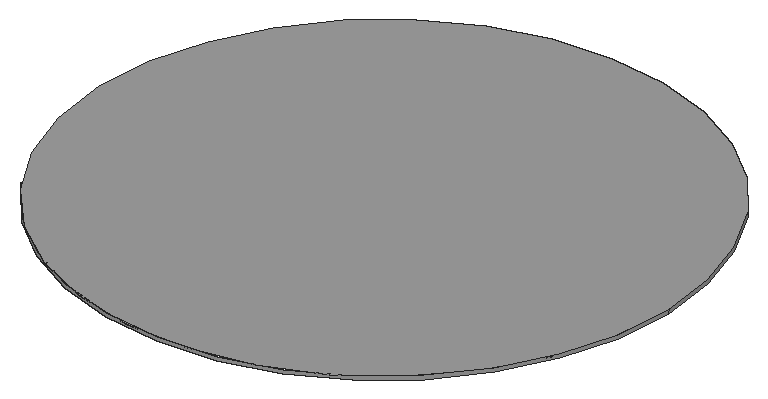
Revit family "Sh-2003-14-44s", category Lighting Fixtures, Revit 2017
Family settings
  Round Connector Dimension = Use Diameter
  Part Type = Normal
  OmniClass Number = 23.80.70.00
  OmniClass Title = Lighting
  Work Plane-Based = No
  Always vertical = Yes
  Cut with Voids When Loaded = No
  Light Source = No
  Shared = No
  Room Calculation Point = No
Parameters (values of type "SH-2003-14-44s(Black body-3000K-GU10)")
  website = "www.shoaco.com"
  wattage. = 7 W  # constant formula
  instalation = "inground"
  consumption current = 0.06 A  # constant formula
  color temperature = "3000K"
  color rendering index(CRI) = "80"
  Voltage/Frequency = "230V-50HZ"
  URL = "https://www.shoaco.com/fa/product/%DA%86%D8%B1%D8%A7%D8%BA-%D9%87%D8%A7%DB%8C-%D8%AF%D9%81%D9%86%DB%8C/457-%DA%86%D8%B1%D8%A7%D8%BA-%D8%AF%D9%81%D9%86%DB%8C-SH-2003-14-44S.html"
  Type medule = "SMD"
  Protection Class = "Class I"
  Model = "SH-2003-14-44S"
  Manufacturer = "SHOA"
  Lamp = "GU10"
  IP = "IP66"
  Height = 14.2632 cm
  Flicker = "Free flicker"
  Diameter = 10.9985 cm
  Cutting Diameter = 7.9985 cm
  Body color = Black
  Body Material = "Aluminium"
Types (3, lengths in cm): name | color temperature | Flicker
  (no name) | "3000K" | "Free flicker"
  SH-2003-14-44s(Black body-3000K-GU10) | "3000K" | "Free flicker"
  SH-2003-14-44s(Black body-6500K-GU10) | "6500K" | "FREE Flicker"
Reference planes (cm)
  plane 1 "Light Source Axis (F/B)": y = 0
  plane 2: z = 0
  plane 3 "Light Source Axis (L/R)": x = 0
  plane 4 "Light Source Elevation": z = 0
  plane 5: z = -12.06
  plane 6: x = -5.4985
  plane 7: x = 5.5
  plane 8: z = 2.2032
  plane 9: x = 4
  plane 10: x = -3.9985
Forms (cm)
  Extrusion 1, solid, material "light"
    sketch origin (0, 0, 0.467) x (1, 0, 0) y (0, 1, 0)
      loop
        circle (0.066, 0) r 3
    from 0 to 0.0381
Dimensions and locks (cm)
  "Diameter": plane 7 to plane 6
  "Height": plane 8 to plane 5
  "Cutting Diameter": plane 9 to plane 10
  aligned and locked: level to plane 2
Automatic sketch dimensions
  plane 1 "Light Source Axis (F/B)" to Extrusion 1 sketch curve = 0.0 cm
  plane 3 "Light Source Axis (L/R)" to Extrusion 1 sketch curve = 0.066 cm
  radius of Extrusion 1 sketch curve = 3.0 cm
Connectors (cm)
  electrical at (0, 0, 0.0024)
    settings: on free form element, index 1, voltage 230 V, apparent load 0 VA, apparent load phase1 0 VA, apparent load phase2 0 VA, apparent load phase3 0 VA, power factor 1, load classification "Other", number of poles 1, system type 31, power factor state 1, is connector primary yes, connector utility no, sub classification motor no, connector description ""
